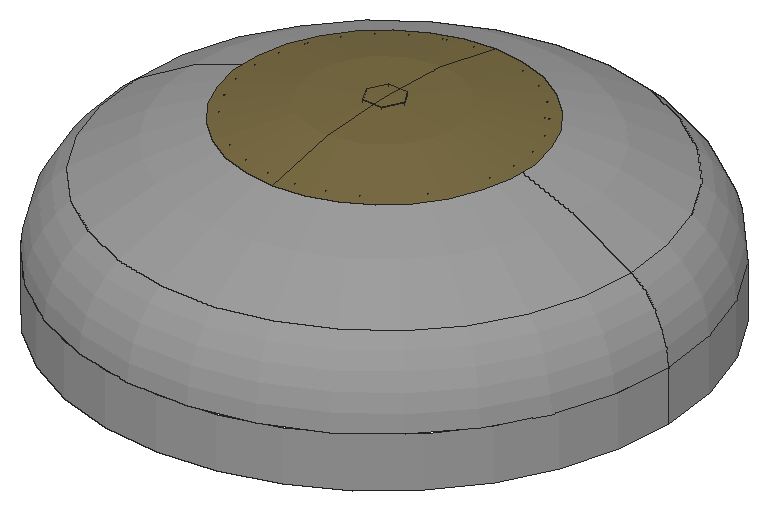
Revit family "MaviGard Cloche d'Alarme Incendie", category Fire Alarm Devices, host Face, Revit 2022
Family settings
  Host = Face
  Round Connector Dimension = Use Diameter
  Part Type = Normal
  OmniClass Number = 23.85.30.21
  OmniClass Title = Environmental Detection/Registration
  Cut with Voids When Loaded = No
  Maintain Annotation Orientation = Yes
  Shared = No
  Room Calculation Point = No
Parameters (values of type "MaviGard Cloche d'alarme Incendie Conventionnelle")
  Poids = "610 gr"
  Boîtier de montage en surface étanche = ""
  Unité de durée de garantie = "Ans"
  Durée de la garantie réservé = "2"
  Durée de la garantie Travail = "2"
  Version = ""
  URL = "https://www.mavili.com.tr/fr"
  Socle montage de Surlévé = ""
  Numéro de pose des travaux publics = "833-598"
  protection de Classe = "IP 51"
  Code de Produit = "MG-5400"
  Numèro de Téléphone = "(+)90 216 466 45 05"
  Voltage de fonctionnement (default) = "24 V/DC"
  voltage fonction d'opération = "18-33V/DC"
  Tempèrature de Fonctionnement = "(-10°C) - (+55°C)"
  Largeur Nominale = "55 mm"
  Longeur Nominale = "150 mm"
  Hauteur Nominale = "150 mm"
  Surface de Montage = "Montage à Mur"
  Hauteur de Montage = "Hauteur 2,4 m du sol"
  Model = "MaviGard"
  Manufacturer = "Mavili Elektronik Ticaret A.Ş."
  Manuel d'installation = "https://mavilielektronik.com/Revit/MG5400_kk.pdf"
  Sortie d'indicateur = ""
  Numèro de Fax = "(+)90 216 466 45 10"
  Alimentation d'externe = ""
  E-Poste = "mavili@mavili.com.tr"
  Avertissement = ""
  Charger adresse d'appareil = ""
  Description = "Cloche d'alarme Incendie"
  Default Elevation = 0 mm
  Current de Consommation = ""
  Coût Unité = ""
  Cost = 0
  Socles Compatible = ""
  Couleur = "Rouge"
  Code de  Performance = "EN 54-3"
  Matériel Principe = "Mètale Rouge"
  Deuxime Matèriel = "Mètale"
  Adresse ligne 1 = "Şerifali Mahallesi Kutup Sokak No:27/1-2-4 Ümraniye TR-34775 İSTANBUL"
Reference planes
  plane 1 "Center (Front/Back)": y = 0
  plane 2: z = 0
  plane 3 "Center (Left/Right)": x = 0
Forms (mm)
  Revolve 1, solid, material "zil"
    sketch origin (0, 0, 5) x (1, 0, 0) y (0, 0, 1)
      loop
        line (0, 50) -> (0, 0) -> (75, 0) -> (75, 13.378)
        arc (75, 13.378) -> (72.352, 23.98) -> (65.327, 32.351) r 24.31
        arc (65.327, 32.351) -> (34.125, 46.583) -> (0, 50) r 104.989
      axis (0, 0) -> (0, 50)
    angle from 0 to 360
  Extrusion 2, solid, material "Mavili elektronik 1.renk"
    sketch origin (0, 0, 0) x (1, 0, 0) y (0, 1, 0)
      loop
        line (-35, 25) -> (-35, -25) -> (35, -25) -> (35, 25) -> (-35, 25)
    from 0 to 5
  Extrusion 3, solid, material "Mavili elektronik 1.renk"
    sketch origin (-889.532, -7731.113, 55) x (1, 0, 0) y (0, 1, 0)
      loop
        line (894.532, 7731.503) -> (892.032, 7735.833) -> (887.032, 7735.833) -> (884.532, 7731.503) -> (887.032, 7727.173) -> (892.032, 7727.173) -> (894.532, 7731.503)
    from 0 to 1
  Revolve 4, solid, material "Zil siyah"
    sketch origin (0, 0, 0.1) x (0, 1, 0) y (0, 0, 1)
      loop
        arc (0, 55.5) -> (-18.54, 54.874) -> (-36.682, 50.998) r 105.073
        line (-36.682, 50.998) -> (0, 50.998) -> (0, 55.5)
      axis (0, 50.998) -> (0, 55.5)
    angle from 0 to 360
Dimensions and locks
  Extrusion 3 to host face = 56 mm
  aligned and locked: plane 2 to host face
  aligned and locked: level to host face
  aligned and locked: Revolve 1 to Extrusion 2
